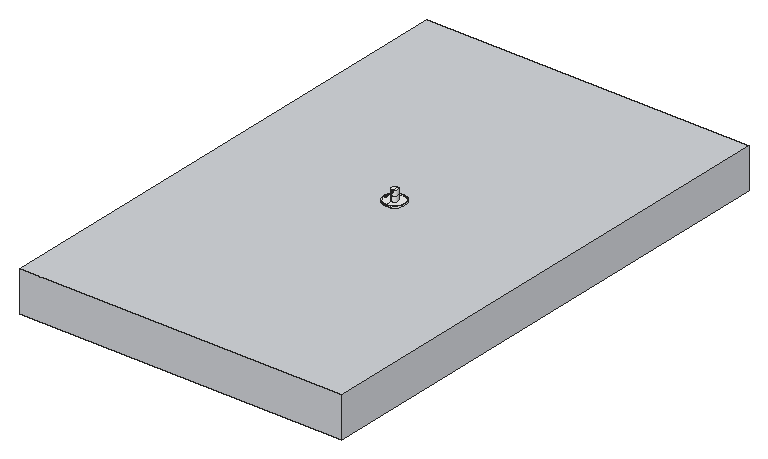
Revit family "Trim-Wall_Hung-Grohe-Atrio_New-14467_Series", category Plumbing Fixtures, host Face, Revit 2014
Parameters (values of type "14467000")
  Width = 6 5/16"  # constant formula
  Waste Connection = no
  Warranty Documentation Link = "https://cdn.cloud.grohe.com/tpi/1000/1900/1940/1949/1949006/original/1949006.pdf"
  WFU = 4  # constant formula
  Vent Connection = no
  URL = "https://www.grohe.com"
  Type Comments = ""
  Tempered Connection Radius = Tempered Connection Diameter / 2  # 1/4"
  Tempered Connection Diameter = Hot Water Connection Diameter  # 1/2"
  Product Page URL = ""
  Price = "Prices may vary. Please consult Manufacturer Representative for most up-to-date price list."  # constant formula
  Model = "14467000"
  Material = "Brass-Grohe-000-Starlight Chrome"
  Manufacturer = "Grohe"
  Length = 3 1/4"  # constant formula
  Installation Type = "Wall Mounted"
  Hot Water Connection Radius = Hot Water Connection Diameter / 2  # 1/4"
  Hot Water Connection Diameter = Cold Water Connection Diameter  # 1/2"
  HWFU = 3  # constant formula
  HW Connection = yes
  Flow Rate = "5.2gpm (bottom) and 3.0 gpm (top port) at 45 psi (19 L/min)"  # constant formula
  Finish = Brass-Grohe-000-Starlight Chrome
  Description = "Atrio New Pressure Balance Trim with Cartridge"  # constant formula
  Default Elevation = 44"  # constant formula
  Creation Date = "03/11/2020"  # constant formula
  Cold Water Connection Radius = 1/4"  # constant formula
  Cold Water Connection Diameter = Cold Water Connection Radius * 2  # 1/2"
  CWFU = 3  # constant formula
  CW Connection = yes
  Assembly Code = "D2010710"
  ADA Compliant = yes
Types (2): name | Model | Material | Finish
  14467000 | "14467000" | "Brass-Grohe-000-Starlight Chrome" | Brass-Grohe-000-Starlight Chrome
  14467EN0 | "14467EN0" | "Brass-Grohe-EN0-Brushed Nickel" | Brass-Grohe-EN0-Brushed Nickel
Reference planes (in)
  plane 1 "Center (Front/Back)": y = 0
  plane 2: z = 0
  plane 3 "Center (Left/Right)": x = 0
  plane 4: x = -1.21875
  plane 5: x = 1.21875
  plane 6: x = -3.34375
  plane 7: x = 3.34375
  plane 8: z = 0.375
  plane 9: y = 3.15625
  plane 10: y = -3.15625
  plane 11: y = 3.15625
  plane 12: z = 3.125
  plane 13: z = 3.25
  plane 14: y = -3.34375
Forms (in)
  Extrusion 1, solid
    sketch origin (0, 0, 0) x (1, 0, 0) y (0, 1, 0)
      loop
        line (-48, 72) -> (-48, -79.70833) -> (48, -79.70833) -> (48, 72) -> (-48, 72)
    from 0 to -12
  Revolve 2, solid, material "Brass-Grohe-000-Starlight Chrome" <- "Finish"
    sketch origin (0, 0, 0) x (0, 1, 0) y (0, 0, 1)
      loop
        line (3.15625, 0) -> (3.15625, 0.30438) -> (3.05905, 0.375) -> (0.94691, 0.375) -> (0.94691, 1.90711) -> (0.85266, 1.90711) -> (0.85266, 1.99584) -> (0.94691, 1.99584) -> (0.94691, 3.25) -> (0, 3.25) -> (0, 0) -> (3.15625, 0)
      axis (0, 3.25) -> (0, 0)
    angle from 0 to 360
  Extrusion 3, solid, material "Brass-Grohe-000-Starlight Chrome" <- "Finish"
    sketch origin (0, 0, -1.09375) x (1, 0, 0) y (0, 0, 1)
      loop
        circle (0, 3.8717) r 0.13965
    from -0.65985 to 3.34375
  Extrusion 4, solid, material "Brass-Grohe-000-Starlight Chrome" <- "Finish"
    sketch origin (0, 0, 0) x (1, 0, 0) y (0, 1, 0)
      loop
        circle (-0.81843, 0) r 0.25
      loop
        circle (0.81843, 0) r 0.25
    from 0 to 0.0625
Cuts and joins
  joined: Revolve 2, Extrusion 3, Extrusion 4
Lines and regions (in)
  Masking region 1
    outline origin (0, 0, 0) x (1, 0, 0) y (0, 0, 1)
      loop
        line (-0.94691, 3.25) -> (-0.94691, 1.99584) -> (-0.85266, 1.99584) -> (-0.85266, 1.90711) -> (-0.94691, 1.90711) -> (-0.94691, 0.375) -> (-3.05905, 0.375) -> (-3.15625, 0.30438) -> (-3.15625, 0) -> (3.15625, 0) -> (3.15625, 0.30438) -> (3.05905, 0.375) -> (0.94691, 0.375) -> (0.94691, 1.90711) -> (0.85266, 1.90711) -> (0.85266, 1.99584) -> (0.94691, 1.99584) -> (0.94691, 3.25) -> (-0.94691, 3.25)
  symbolic lines, detail levels medium+fine
    curve 1: line (0.94691, 0, 0.375) -> (-0.94691, 0, 0.375)
  symbolic lines, detail levels fine
    curve 2: line (0.85266, 0, 1.90711) -> (-0.85266, 0, 1.90711)
    curve 3: line (0.85266, 0, 1.99584) -> (-0.85266, 0, 1.99584)
    curve 4: line (3.15625, 0, 0.30438) -> (-3.15625, 0, 0.30438)
Dimensions and locks (in)
  plane 8 to level = 3/8"
  locked: Revolve 2 sketch curve to Revolve 2 sketch curve at 0.08873
  equal spacing: plane 9, plane 1 "Center (Front/Back)", plane 10
  "Width": plane 9 to plane 10
  "Hot Water Connection Diameter": diameter of Extrusion 4 sketch curve
  "Cold Water Connection Diameter": diameter of Extrusion 4 sketch curve
  aligned and locked: plane 2 to Extrusion 1
  aligned and locked: level to Extrusion 1
  aligned and locked: plane 3 "Center (Left/Right)" to Extrusion 3 sketch curve
  aligned and locked: Masking region 1 sketch curve to cut or joined group of Revolve 2, Extrusion 3, Extrusion 4  (x3)
  aligned and locked: cut or joined group of Revolve 2, Extrusion 3, Extrusion 4 to Masking region 1 sketch curve
  aligned and locked: curve 3 to cut or joined group of Revolve 2, Extrusion 3, Extrusion 4
  aligned and locked: curve 2 to cut or joined group of Revolve 2, Extrusion 3, Extrusion 4
  aligned and locked: Masking region 1 to curve 3
  aligned and locked: curve 2 to Masking region 1
  aligned and locked: curve 3 to Masking region 1
  aligned and locked: Masking region 1 to curve 2
  aligned and locked: Masking region 1 to curve 1  (x2)
Automatic sketch dimensions
  Extrusion 1 sketch curve to Extrusion 1 sketch curve = 96"
  Extrusion 1 sketch curve to Extrusion 1 sketch curve = 151.70833"
  plane 1 "Center (Front/Back)" to Extrusion 4 sketch curve = 0"  (x2)
  plane 4 to Extrusion 4 sketch curve = 0.40032"
  plane 5 to Extrusion 4 sketch curve = 0.40032"
  level to Extrusion 3 sketch curve = 2.77795"
  Revolve 2 sketch curve to plane 1 "Center (Front/Back)" = 0"  (x2)
  Revolve 2 sketch curve to level = 0"
  Revolve 2 sketch curve to plane 8 = 0"
  Revolve 2 sketch curve to plane 13 = 0"
  Revolve 2 sketch curve to plane 11 = 0"
  Revolve 2 sketch curve to plane 1 "Center (Front/Back)" = 0.85266"
  Revolve 2 sketch curve to Revolve 2 sketch curve = 0.09426"
  Revolve 2 sketch curve to plane 1 "Center (Front/Back)" = 0.94691"
  Revolve 2 sketch curve to plane 11 = 0.0972"
  Revolve 2 sketch curve to plane 8 = 0.07062"
  Revolve 2 sketch curve to plane 12 = 1.21789"
  Revolve 2 sketch curve to Revolve 2 sketch curve = 2.74585"
  Revolve 2 sketch curve to Revolve 2 sketch curve = 0.35576"
  Masking region 1 sketch curve to level = 0"
  Masking region 1 sketch curve to plane 13 = 0"
  plane 6 to Masking region 1 sketch curve = 3/16"
  Masking region 1 sketch curve to Masking region 1 sketch curve = 0.0972"  (x2)
  plane 4 to Masking region 1 sketch curve = 0.27184"  (x2)
  Masking region 1 sketch curve to Masking region 1 sketch curve = 0.09426"
  plane 5 to Masking region 1 sketch curve = 0.36609"
  plane 5 to Masking region 1 sketch curve = 0.27184"  (x2)
  plane 7 to Masking region 1 sketch curve = 0.2847"
  level to Masking region 1 sketch curve = 0.30438"  (x2)
  level to Masking region 1 sketch curve = 3/8"
  Masking region 1 sketch curve to Masking region 1 sketch curve = 0.07062"
  plane 6 to curve 4 = 3/16"
  plane 7 to curve 4 = 3/16"
  level to curve 1 = 3/8"
  level to curve 4 = 0.30438"
  radius of Extrusion 3 sketch curve = 0.13965"
Connectors (in)
  piping at (-0.81843, 0, 0), diameter 0.5, driven by "Hot Water Connection Diameter"
    settings: on Extrusion 4, index 1, connector inside diameter 24", connector length 0", flow factor 0, pipe flow 0 GPM, pressure drop 0.00 psi, fitting loss kfactor 0, connector angle 0.00°, fixture units 0, engagement length 0", angle of deflection 0.00°, flow configuration 0, flow direction 1, fitting loss method 0, system type 19, joint type 0, gender type 0, connector reference index -1, connector utility 0, adjustable connector no, is connector primary yes, connector description "1/2\" NPT HW Inlet"
  piping at (0.81843, 0, 0), diameter 0.5, driven by "Cold Water Connection Diameter"
    settings: on Extrusion 4, index 2, connector inside diameter 24", connector length 0", flow factor 0, pipe flow 0 GPM, pressure drop 0.00 psi, fitting loss kfactor 0, connector angle 0.00°, fixture units 0, engagement length 0", angle of deflection 0.00°, flow configuration 0, flow direction 1, fitting loss method 0, system type 20, joint type 0, gender type 0, connector reference index -1, connector utility 0, adjustable connector no, is connector primary no, connector description "1/2\" NPT CW Inlet"
